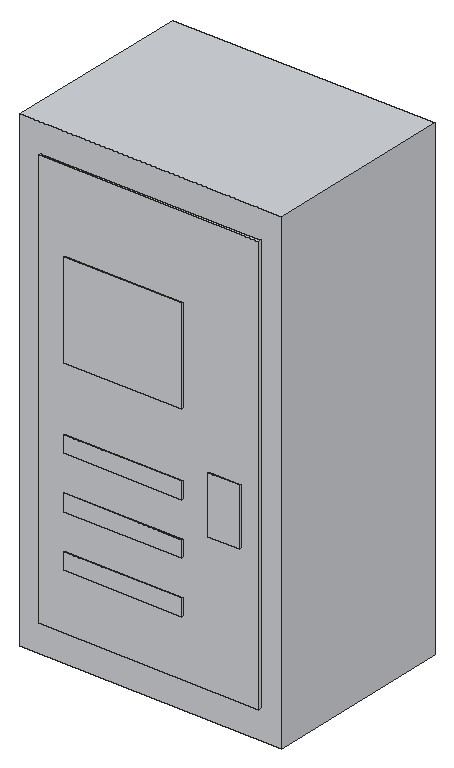
Revit family "GIS_UPS_Cabinet", category Equipamento elétrico, Revit 2027
Family settings
  Configuração do painel = Duas colunas, circuitos transversais
  Cota do conector redondo = Utilizar diâmetro
  Tipo de parte = Painel de controle
  Com base no plano de trabalho = Não
  Sempre na vertical = Sim
  Corte com vazios quando carregada = Não
  Manter orientação da anotação = Não
  Compartilhado = Não
  Ponto de cálculo do ambiente = Não
Parameters (values of type "UPS_STUDY")
  Default Elevation = 0 mm
  built-in parameter 1140142 [instance] = (empty or 0)
  built-in parameter 1140140 [instance] = 1 (stored number, unit not read)
  BIM_TensaoSecundaria_kV = 0.125
  BIM_TensaoNominal_kV = 0.38
  BIM_TensaoClasse_kV = 0.38
  BIM_TensaoClasseSecundaria_kV = 0
  BIM_TensaoAuxiliarCA_kV = 0
  BIM_Sistema_Elemento [instance] = ""
  BIM_ReferenciaCatalogo = "Portfolio study assumptions: 380 V AC input and 125 V DC output; mission and vendor data pending"
  BIM_Profundidade = 800 mm
  BIM_Potencia_MVA = 0
  BIM_Localizacao [instance] = ""
  BIM_Largura = 1100 mm
  BIM_Impedancia_pu = 0
  BIM_FonteGeometria = "Portfolio study assumptions: 380 V AC input and 125 V DC output; mission and vendor data pending"
  BIM_Fabricante = "NAO SELECIONADO"
  BIM_EstadoGeometria = "ESTIMATED"
  BIM_EstadoEspecificacao = "PREMISSA / NAO SELECIONADO"
  BIM_DescricaoEstudo = "UPS conceitual; 380 Vca de entrada e 125 Vcc de saida sao premissas, potencia e autonomia pendentes."
  BIM_CorrenteReferenciaSecundaria_A = 0
  BIM_CorrenteNominal_A = 0
  BIM_Bay [instance] = ""
  BIM_AlturaCorpoPrincipal = 2000 mm
  BIM_Altura = 2000 mm
  built-in parameter 1155100 [instance] = (empty or 0)
Reference planes
  plane 1 "Centro (Frente/Trás)": y = 0
  plane 2: z = 0
  plane 3 "Centro (Esquerda/Direita)": x = 0
  plane 4 "BIM Left": x = -550
  plane 5 "BIM Right": x = 550
  plane 6 "BIM Front": y = -400
  plane 7 "BIM Back": y = 400
Forms (mm)
  Extrusion 1, solid
    sketch origin (0, 0, 0) x (1, 0, 0) y (0, 1, 0)
      loop
        line (-550, -400) -> (550, -400) -> (550, 400) -> (-550, 400) -> (-550, -400)
    from 0 to 2000 <- "BIM_AlturaCorpoPrincipal"
  Extrusion 2, solid
    sketch origin (0, 0, 120) x (1, 0, 0) y (0, 1, 0)
      loop
        line (-462, -412.192) -> (462, -412.192) -> (462, -400) -> (-462, -400) -> (-462, -412.192)
    from 0 to 1760
  Extrusion 3, solid
    sketch origin (0, 0, 1140) x (1, 0, 0) y (0, 1, 0)
      loop
        line (-352, -418.288) -> (143, -418.288) -> (143, -400) -> (-352, -400) -> (-352, -418.288)
    from 0 to 400
  Extrusion 4, solid
    sketch origin (0, 0, 360) x (1, 0, 0) y (0, 1, 0)
      loop
        line (-352, -416.764) -> (143, -416.764) -> (143, -400) -> (-352, -400) -> (-352, -416.764)
    from 0 to 70
  Extrusion 5, solid
    sketch origin (0, 0, 580) x (1, 0, 0) y (0, 1, 0)
      loop
        line (-352, -416.764) -> (143, -416.764) -> (143, -400) -> (-352, -400) -> (-352, -416.764)
    from 0 to 70
  Extrusion 6, solid
    sketch origin (0, 0, 800) x (1, 0, 0) y (0, 1, 0)
      loop
        line (-352, -416.764) -> (143, -416.764) -> (143, -400) -> (-352, -400) -> (-352, -416.764)
    from 0 to 70
  Extrusion 7, solid
    sketch origin (0, 0, 700) x (1, 0, 0) y (0, 1, 0)
      loop
        line (253, -416.764) -> (385, -416.764) -> (385, -400) -> (253, -400) -> (253, -416.764)
    from 0 to 240
Dimensions and locks
  "BIM_Largura": plane 4 "BIM Left" to plane 5 "BIM Right"
  "BIM_Profundidade": plane 6 "BIM Front" to plane 7 "BIM Back"
  aligned and locked: level to plane 2
  aligned and locked: plane 4 "BIM Left" to Extrusion 1
  aligned and locked: Extrusion 1 to plane 5 "BIM Right"
  aligned and locked: Extrusion 1 to plane 6 "BIM Front"
  aligned and locked: plane 7 "BIM Back" to Extrusion 1
Automatic sketch dimensions
  Extrusion 1 sketch curve to plane 4 "BIM Left" = 0 mm
  Extrusion 1 sketch curve to plane 5 "BIM Right" = 0 mm
  Extrusion 1 sketch curve to plane 6 "BIM Front" = 0 mm
  Extrusion 1 sketch curve to plane 7 "BIM Back" = 0 mm
  Extrusion 2 sketch curve to plane 6 "BIM Front" = 0 mm
  Extrusion 2 sketch curve to plane 6 "BIM Front" = 12.192 mm
  Extrusion 2 sketch curve to plane 4 "BIM Left" = 88 mm
  plane 5 "BIM Right" to Extrusion 2 sketch curve = 88 mm
  Extrusion 3 sketch curve to plane 6 "BIM Front" = 0 mm
  Extrusion 3 sketch curve to plane 6 "BIM Front" = 18.288 mm
  Extrusion 3 sketch curve to plane 4 "BIM Left" = 198 mm
  plane 3 "Centro (Esquerda/Direita)" to Extrusion 3 sketch curve = 143 mm
  Extrusion 4 sketch curve to plane 6 "BIM Front" = 0 mm
  Extrusion 4 sketch curve to plane 6 "BIM Front" = 16.764 mm
  Extrusion 4 sketch curve to plane 4 "BIM Left" = 198 mm
  plane 3 "Centro (Esquerda/Direita)" to Extrusion 4 sketch curve = 143 mm
  Extrusion 5 sketch curve to plane 6 "BIM Front" = 0 mm
  Extrusion 5 sketch curve to plane 6 "BIM Front" = 16.764 mm
  Extrusion 5 sketch curve to plane 4 "BIM Left" = 198 mm
  plane 3 "Centro (Esquerda/Direita)" to Extrusion 5 sketch curve = 143 mm
  Extrusion 6 sketch curve to plane 6 "BIM Front" = 0 mm
  Extrusion 6 sketch curve to plane 6 "BIM Front" = 16.764 mm
  Extrusion 6 sketch curve to plane 4 "BIM Left" = 198 mm
  plane 3 "Centro (Esquerda/Direita)" to Extrusion 6 sketch curve = 143 mm
  Extrusion 7 sketch curve to plane 6 "BIM Front" = 0 mm
  Extrusion 7 sketch curve to plane 6 "BIM Front" = 16.764 mm
  plane 3 "Centro (Esquerda/Direita)" to Extrusion 7 sketch curve = 253 mm
  Extrusion 7 sketch curve to Extrusion 7 sketch curve = 132 mm
Connectors
  electrical at (-550, 0, 1000)
    settings: on Extrusion 1, index 1, voltage 380 V, apparent load 0 VA, apparent load phase1 0 VA, apparent load phase2 0 VA, apparent load phase3 0 VA, power factor 1, load classification "Outro", number of poles 3, system type 6, power factor state 1, is connector primary yes, connector utility no, sub classification motor no, connector description "Porta de entrada CA do sistema auxiliar QAC-01 a UPS-01; sistema logico; sem fio fisico 3D."
